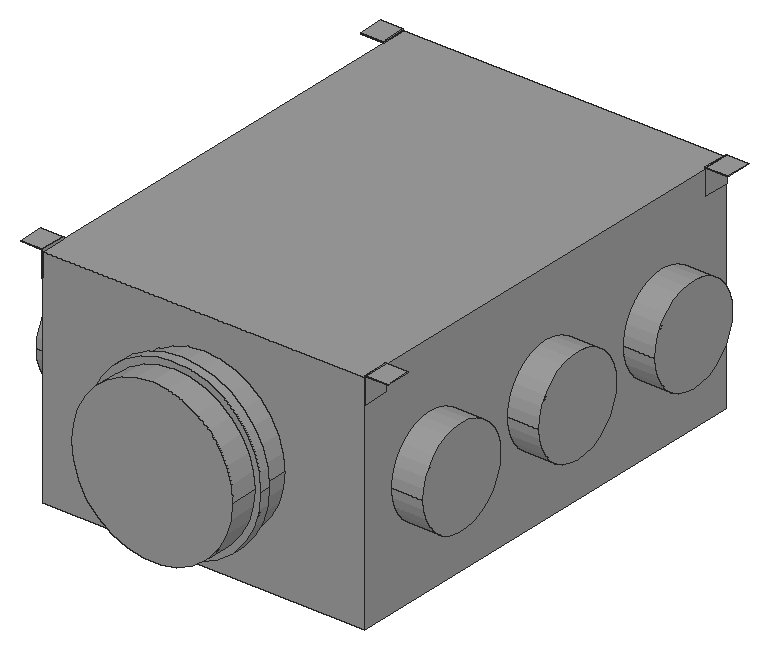
Revit family "FASU(F8-150 250Φ)", category ダクト付属品, Revit 2020
Family settings
  丸型コネクタ寸法 = 直径を使用
  パーツ タイプ = ダンパー
  OmniClass 番号 = 23.75.00.00
  OmniClass タイトル = Climate Control (HVAC)
  作業面ベース = いいえ
  常に垂直 = はい
  ロード時にボイドで切り取り = いいえ
  共有 = いいえ
Parameters
  高さ = 350 mm
  風量 = 0.0 L/s
  符号 = "FASU"
  形式 = "F8-150 250φ"
  幅 [instance] = 500 mm
  奥行き = 700 mm
  大きさ = 250 mm
  呼称 = "FASUチャンバー"
  付属品_下端レベル [instance] = 0 mm
  マテリアル [instance] = 既定値
  ダクト_イン = 250 mm
  ダクト_アウト = 150 mm
  既定の高さ = 0 mm
Reference planes
  plane 1 "中心(正面/背面)": y = 0
  plane 2: z = 0
  plane 3 "中心(左/右)": x = 0
  plane 4: x = -250
  plane 5: x = 250
  plane 6: y = -700
  plane 7: z = 350
  plane 8: z = 175
  plane 9: z = 266.963
  plane 10: z = 86.159
  plane 11: x = -251
  plane 12: z = 313.122
  plane 13: z = 352.122
  plane 14: y = -350
Forms (mm)
  Extrusion 1, solid, material "既定値" <- "マテリアル"
    sketch origin (0, 0, 0) x (1, 0, 0) y (0, 1, 0)
      loop
        line (-250, 0) -> (-250, -700) -> (250, -700) -> (250, 0) -> (-250, 0)
    from 0 to 350
  Extrusion 2, solid, material "既定値" <- "マテリアル"
    sketch origin (0, -30, 0) x (1, 0, 0) y (0, 1, 0)
      loop
        line (-250, 30) -> (-251, 30) -> (-251, -10) -> (-250, -10) -> (-250, 30)
    from 313.122 to 350
  Extrusion 3, solid, material "既定値" <- "マテリアル"
    sketch origin (0, -30, 0) x (1, 0, 0) y (0, 1, 0)
      loop
        line (-285, 30) -> (-285, -10) -> (-251, -10) -> (-251, 30) -> (-285, 30)
    from 352.122 to 350
  Extrusion 4, solid, material "既定値" <- "マテリアル"
    sketch origin (0, -30, 0) x (-1, 0, 0) y (0, -1, 0)
      loop
        line (-250, -30) -> (-250, 10) -> (-251, 10) -> (-251, -30) -> (-250, -30)
    from 313.122 to 353.122
  Extrusion 5, solid, material "既定値" <- "マテリアル"
    sketch origin (0, -30, 0) x (-1, 0, 0) y (0, -1, 0)
      loop
        line (-285, -30) -> (-251, -30) -> (-251, 10) -> (-285, 10) -> (-285, -30)
    from 352.122 to 353.122
  Extrusion 6, solid, material "既定値" <- "マテリアル"
    sketch origin (0, -490, 0) x (1, 0, 0) y (0, 1, 0)
      loop
        line (-285, -170) -> (-285, -210) -> (-251, -210) -> (-251, -170) -> (-285, -170)
    from 352.122 to 353.122
  Extrusion 7, solid, material "既定値" <- "マテリアル"
    sketch origin (0, -490, 0) x (1, 0, 0) y (0, 1, 0)
      loop
        line (-250, -170) -> (-251, -170) -> (-251, -210) -> (-250, -210) -> (-250, -170)
    from 313.122 to 353.122
  Extrusion 8, solid, material "既定値" <- "マテリアル"
    sketch origin (0, -490, 0) x (-1, 0, 0) y (0, -1, 0)
      loop
        line (-285, 170) -> (-251, 170) -> (-251, 210) -> (-285, 210) -> (-285, 170)
    from 352.122 to 353.122
  Extrusion 9, solid, material "既定値" <- "マテリアル"
    sketch origin (0, -490, 0) x (-1, 0, 0) y (0, -1, 0)
      loop
        line (-250, 170) -> (-250, 210) -> (-251, 210) -> (-251, 170) -> (-250, 170)
    from 313.122 to 353.122
  Extrusion 10, solid, material "既定値" <- "マテリアル"
    sketch origin (550, -582.5, 0) x (0, -1, 0) y (0, 0, -1)
      loop
        circle (-232.5, -175) r 74.985
    from -300 to -250
  Extrusion 11, solid, material "既定値" <- "マテリアル"
    sketch origin (-550, -582.5, 0) x (0, -1, 0) y (0, 0, 1)
      loop
        circle (-232.5, 175) r 74.985
    from -300 to -250
  Extrusion 12, solid, material "既定値" <- "マテリアル"
    sketch origin (550, -357.5, 0) x (0, -1, 0) y (0, 0, -1)
      loop
        circle (-232.5, -175) r 74.985
    from -300 to -250
  Extrusion 13, solid, material "既定値" <- "マテリアル"
    sketch origin (-550, -357.5, 0) x (0, -1, 0) y (0, 0, 1)
      loop
        circle (-232.5, 175) r 74.985
    from -300 to -250
  Extrusion 14, solid, material "既定値" <- "マテリアル"
    sketch origin (550, -142.5, 0) x (0, 1, 0) y (0, 0, 1)
      loop
        circle (-432.5, 175) r 74.985
    from -300 to -250
  Extrusion 15, solid, material "既定値" <- "マテリアル"
    sketch origin (0, -142.5, 0) x (0, 1, 0) y (0, 0, 1)
      loop
        circle (-432.5, 175) r 74.985
    from -300 to -250
  Extrusion 16, solid, material "既定値" <- "マテリアル"
    sketch origin (345.5, 300, 0) x (1, 0, 0) y (0, 0, -1)
      loop
        circle (-232.5, -175) r 74.985
    from -300 to -250
  Extrusion 17, solid, material "既定値" <- "マテリアル"
    sketch origin (-345.5, 300, 0) x (-1, 0, 0) y (0, 0, 1)
      loop
        circle (-232.5, 175) r 74.985
    from -300 to -250
  Extrusion 18, solid, material "既定値" <- "マテリアル"
    sketch origin (0, -230, 0) x (1, 0, 0) y (0, 0, 1)
      loop
        circle (0, 175) r 125
    from 470 to 512.5
  Extrusion 19, solid, material "既定値" <- "マテリアル"
    sketch origin (0, -230, 0) x (1, 0, 0) y (0, 0, 1)
      loop
        circle (0, 175) r 135
    from 512.5 to 527.5
  Extrusion 20, solid, material "既定値" <- "マテリアル"
    sketch origin (0, -317.5, 0) x (1, 0, 0) y (0, 0, 1)
      loop
        circle (0, 175) r 125
    from 440 to 482.5
Lines and regions (mm)
  model lines
    curve 1: line (-250, -30, 0) -> (250, -30, 0)
    curve 2: line (-250, -670, 0) -> (250, -670, 0)
Text (mm)
  text "FASU(F8-150 250Φ)" at (3.713, -630.412, 0), in view "参照レベル"
Dimensions and locks
  equal spacing: plane 4, plane 3 "中心(左/右)", plane 5
  "幅": plane 4 to plane 5
  "奥行き": plane 6 to plane 1 "中心(正面/背面)"
  "高さ": plane 7 to level
  equal spacing: plane 7, plane 8, level
  equal spacing: plane 6, plane 14, plane 1 "中心(正面/背面)"
  aligned and locked: level to plane 2
  aligned and locked: Extrusion 1 sketch curve to plane 5
  aligned and locked: plane 7 to Extrusion 1
  aligned and locked: Extrusion 2 sketch curve to Extrusion 1
  aligned and locked: plane 7 to Extrusion 2
  aligned and locked: Extrusion 3 sketch curve to Extrusion 2
  aligned and locked: Extrusion 2 to Extrusion 3 sketch curve
  aligned and locked: plane 7 to Extrusion 3
  aligned and locked: Extrusion 3 to plane 13
  aligned and locked: Extrusion 4 to Extrusion 5 sketch curve
  aligned and locked: Extrusion 5 sketch curve to Extrusion 4
  aligned and locked: Extrusion 1 to Extrusion 8
  aligned and locked: Extrusion 6 to Extrusion 1
  aligned and locked: Extrusion 7 to Extrusion 1
  aligned and locked: Extrusion 1 to Extrusion 9
  aligned and locked: Extrusion 9 to Extrusion 8
  aligned and locked: Extrusion 7 to Extrusion 6
  aligned and locked: plane 4 to Extrusion 7
  aligned and locked: Extrusion 9 to plane 5
  aligned and locked: plane 4 to curve 1
  aligned and locked: plane 5 to curve 1
  aligned and locked: plane 5 to curve 2
  aligned and locked: Extrusion 1 to Extrusion 3
  aligned and locked: Extrusion 5 to Extrusion 1
  aligned and locked: Extrusion 4 to plane 5
  aligned and locked: Extrusion 1 to plane 6
  aligned and locked: Extrusion 1 to plane 1 "中心(正面/背面)"
  aligned and locked: Extrusion 12 to plane 5
  aligned and locked: plane 4 to Extrusion 13
  aligned and locked: Extrusion 14 to plane 5
  aligned and locked: plane 4 to Extrusion 15
  aligned and locked: plane 1 "中心(正面/背面)" to Extrusion 16
  aligned and locked: plane 1 "中心(正面/背面)" to Extrusion 17
  aligned and locked: Extrusion 19 to Extrusion 20
  aligned and locked: Extrusion 19 to Extrusion 18
  aligned and locked: plane 6 to Extrusion 18
Automatic sketch dimensions
  Extrusion 10 sketch curve to plane 8 = 0 mm
  Extrusion 10 sketch curve to plane 14 = 0 mm
  Extrusion 11 sketch curve to plane 8 = 0 mm
  Extrusion 11 sketch curve to plane 14 = 0 mm
  Extrusion 16 sketch curve to plane 8 = 0 mm
  plane 3 "中心(左/右)" to Extrusion 16 sketch curve = 113 mm
  Extrusion 17 sketch curve to plane 8 = 0 mm
  Extrusion 17 sketch curve to plane 3 "中心(左/右)" = 113 mm
  curve 2 to plane 4 = 0 mm
  plane 6 to curve 2 = 30 mm
  plane 1 "中心(正面/背面)" to curve 1 = 30 mm
  Extrusion 1 sketch curve to plane 4 = 0 mm
  Extrusion 1 sketch curve to plane 6 = 0 mm
  plane 1 "中心(正面/背面)" to Extrusion 1 sketch curve = 0 mm
  plane 1 "中心(正面/背面)" to Extrusion 2 sketch curve = 0 mm
  Extrusion 2 sketch curve to plane 11 = 0 mm
  Extrusion 2 sketch curve to Extrusion 2 sketch curve = 40 mm
  plane 1 "中心(正面/背面)" to Extrusion 3 sketch curve = 0 mm
  Extrusion 3 sketch curve to Extrusion 3 sketch curve = 34 mm
  plane 1 "中心(正面/背面)" to Extrusion 4 sketch curve = 0 mm
  Extrusion 4 sketch curve to plane 5 = 0 mm
  Extrusion 4 sketch curve to Extrusion 4 sketch curve = 1 mm
  Extrusion 4 sketch curve to Extrusion 4 sketch curve = 40 mm
  plane 1 "中心(正面/背面)" to Extrusion 5 sketch curve = 0 mm
  Extrusion 5 sketch curve to Extrusion 5 sketch curve = 34 mm
  Extrusion 6 sketch curve to plane 6 = 0 mm
  Extrusion 6 sketch curve to plane 11 = 0 mm
  Extrusion 6 sketch curve to plane 11 = 34 mm
  plane 6 to Extrusion 6 sketch curve = 40 mm
  Extrusion 7 sketch curve to plane 11 = 0 mm
  Extrusion 7 sketch curve to plane 4 = 0 mm
  Extrusion 7 sketch curve to plane 6 = 0 mm
  plane 6 to Extrusion 7 sketch curve = 40 mm
  Extrusion 8 sketch curve to plane 6 = 0 mm
  Extrusion 8 sketch curve to plane 5 = 35 mm
  Extrusion 8 sketch curve to plane 5 = 1 mm
  Extrusion 8 sketch curve to Extrusion 8 sketch curve = 40 mm
  Extrusion 9 sketch curve to plane 6 = 0 mm
  Extrusion 9 sketch curve to plane 5 = 0 mm
  Extrusion 9 sketch curve to Extrusion 9 sketch curve = 1 mm
  Extrusion 9 sketch curve to Extrusion 9 sketch curve = 40 mm
  Extrusion 12 sketch curve to plane 8 = 0 mm
  plane 1 "中心(正面/背面)" to Extrusion 12 sketch curve = 125 mm
  Extrusion 13 sketch curve to plane 8 = 0 mm
  plane 1 "中心(正面/背面)" to Extrusion 13 sketch curve = 125 mm
  Extrusion 14 sketch curve to plane 8 = 0 mm
  plane 6 to Extrusion 14 sketch curve = 125 mm
  Extrusion 15 sketch curve to plane 8 = 0 mm
  plane 6 to Extrusion 15 sketch curve = 125 mm
  Extrusion 18 sketch curve to plane 3 "中心(左/右)" = 0 mm
  Extrusion 18 sketch curve to plane 8 = 0 mm
  Extrusion 19 sketch curve to plane 3 "中心(左/右)" = 0 mm
  Extrusion 19 sketch curve to plane 8 = 0 mm
  Extrusion 20 sketch curve to plane 3 "中心(左/右)" = 0 mm
  Extrusion 20 sketch curve to plane 8 = 0 mm
  radius of Extrusion 10 sketch curve = 74.985 mm
  radius of Extrusion 11 sketch curve = 74.985 mm
  radius of Extrusion 16 sketch curve = 74.985 mm
  radius of Extrusion 17 sketch curve = 74.985 mm
  radius of Extrusion 12 sketch curve = 74.985 mm
  radius of Extrusion 13 sketch curve = 74.985 mm
  radius of Extrusion 14 sketch curve = 74.985 mm
  radius of Extrusion 15 sketch curve = 74.985 mm
  radius of Extrusion 18 sketch curve = 125 mm
  radius of Extrusion 19 sketch curve = 135 mm
  radius of Extrusion 20 sketch curve = 125 mm
Connectors
  hvac at (-300, -575, 175), driven by "ダクト_アウト"
    settings: on Extrusion 15, index 1, duct flow 0.0 L/s, flow factor 0, pres drop 0.0 Pa, loss coef 0, conn angle 0.00°, conn width 304.8 mm, conn height 304.8 mm, conn diameter 150 mm, duct sys type 29, conn prof type 0, flow config 0, flow direction 2, loss method 0, conn ref index -1, conn util no, is conn primary yes, conn desc ""
  hvac at (-300, -350, 175), driven by "ダクト_アウト"
    settings: on Extrusion 11, index 2, duct flow 0.0 L/s, flow factor 0, pres drop 0.0 Pa, loss coef 0, conn angle 0.00°, conn width 304.8 mm, conn height 304.8 mm, conn diameter 150 mm, duct sys type 29, conn prof type 0, flow config 0, flow direction 2, loss method 0, conn ref index -1, conn util no, is conn primary no, conn desc ""
  hvac at (-300, -125, 175), driven by "ダクト_アウト"
    settings: on Extrusion 13, index 3, duct flow 0.0 L/s, flow factor 0, pres drop 0.0 Pa, loss coef 0, conn angle 0.00°, conn width 304.8 mm, conn height 304.8 mm, conn diameter 150 mm, duct sys type 29, conn prof type 0, flow config 0, flow direction 2, loss method 0, conn ref index -1, conn util no, is conn primary no, conn desc ""
  hvac at (-113, 50, 175), driven by "ダクト_アウト"
    settings: on Extrusion 17, index 4, duct flow 0.0 L/s, flow factor 0, pres drop 0.0 Pa, loss coef 0, conn angle 0.00°, conn width 304.8 mm, conn height 304.8 mm, conn diameter 150 mm, duct sys type 29, conn prof type 0, flow config 0, flow direction 2, loss method 0, conn ref index -1, conn util no, is conn primary no, conn desc ""
  hvac at (113, 50, 175), driven by "ダクト_アウト"
    settings: on Extrusion 16, index 5, duct flow 0.0 L/s, flow factor 0, pres drop 0.0 Pa, loss coef 0, conn angle 0.00°, conn width 304.8 mm, conn height 304.8 mm, conn diameter 150 mm, duct sys type 29, conn prof type 0, flow config 0, flow direction 2, loss method 0, conn ref index -1, conn util no, is conn primary no, conn desc ""
  hvac at (300, -125, 175), driven by "ダクト_アウト"
    settings: on Extrusion 12, index 6, duct flow 0.0 L/s, flow factor 0, pres drop 0.0 Pa, loss coef 0, conn angle 0.00°, conn width 304.8 mm, conn height 304.8 mm, conn diameter 150 mm, duct sys type 29, conn prof type 0, flow config 0, flow direction 2, loss method 0, conn ref index -1, conn util no, is conn primary no, conn desc ""
  hvac at (300, -350, 175), driven by "ダクト_アウト"
    settings: on Extrusion 10, index 7, duct flow 0.0 L/s, flow factor 0, pres drop 0.0 Pa, loss coef 0, conn angle 0.00°, conn width 304.8 mm, conn height 304.8 mm, conn diameter 150 mm, duct sys type 29, conn prof type 0, flow config 0, flow direction 2, loss method 0, conn ref index -1, conn util no, is conn primary no, conn desc ""
  hvac at (300, -575, 175), driven by "ダクト_アウト"
    settings: on Extrusion 14, index 8, duct flow 0.0 L/s, flow factor 0, pres drop 0.0 Pa, loss coef 0, conn angle 0.00°, conn width 304.8 mm, conn height 304.8 mm, conn diameter 150 mm, duct sys type 29, conn prof type 0, flow config 0, flow direction 2, loss method 0, conn ref index -1, conn util no, is conn primary no, conn desc ""
  hvac at (0, -800, 175), driven by "ダクト_イン"
    settings: on Extrusion 20, index 18, duct flow 0.0 L/s, flow factor 0, pres drop 0.0 Pa, loss coef 0, conn angle 0.00°, conn width 304.8 mm, conn height 304.8 mm, conn diameter 250 mm, duct sys type 1, conn prof type 0, flow config 0, flow direction 1, loss method 0, conn ref index -1, conn util no, is conn primary no, conn desc ""
